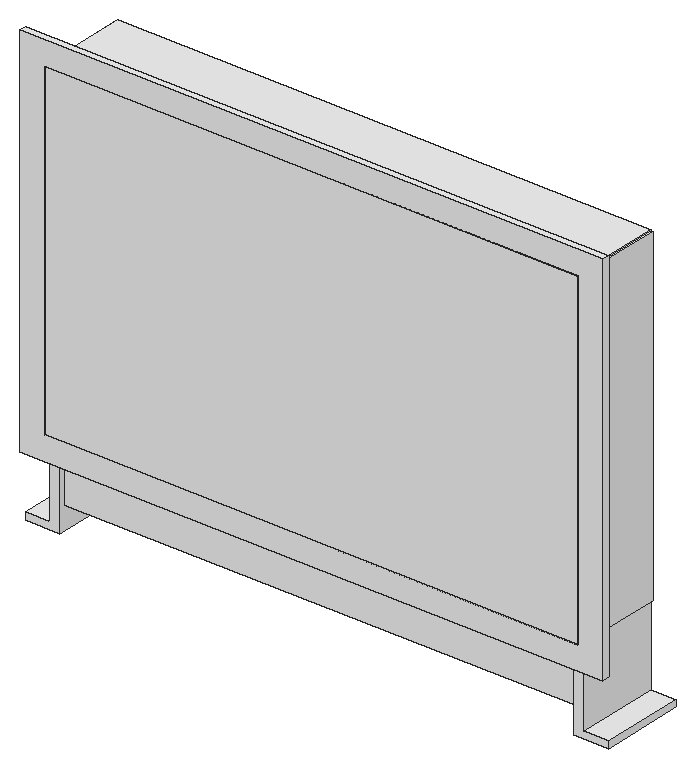
Revit family "1R553FP_1019IT", category Pipe Accessories, Revit 2018
Family settings
  Round Connector Dimension = Use Diameter
  Part Type = Normal
  OmniClass Number = 23.65.00.00
  OmniClass Title = Supply and Distribution of Liquids and Gases
  Work Plane-Based = No
  Always vertical = Yes
  Cut with Voids When Loaded = No
  Shared = No
Parameters (values of type "R553FPDB211")
  URL = "https://www.giacomini.com/en"
  T = 35 mm
  Product specifications = "Pre-assembled modular manifold in technopolymer, with fl ow meters. Connections: 1” (R269T) x DN32 (manifold) x 3/4”E\r\n(outlets). Center distance between the outlets: 50 mm. Temperature range: 5÷60°C. Max. operating pressure: 6 bar (10 bar\r\nfor system testing). Composed of: 1 delivery manifold in technopolymer, with fl ow meters (double scale: 0,5÷5 l/min and\r\n0,15÷1,5 GPM) with fl uid adjustment/shut-off function; 1 return manifold in technopolymer, with shut-off valves with a manual\r\nhandwheel, pre-arranged for thermo-electric command; EPDM gaskets; 2 metal brackets; 2 multi-function valves in brass\r\nCW617N (delivery and return).\r\n"  # constant formula
  P = 450 mm
  O = 190 mm
  N = 179 mm
  Model = "R553FPDB211"
  Metal Door [instance] = yes
  Metal Box [instance] = yes
  Manufacturer = "Giacomini S.p.A."  # constant formula
  Manifold 9 = 438 mm
  Manifold 8 = 388 mm
  Manifold 7 = 338 mm
  Manifold 6 = 288 mm
  Manifold 5 = 238 mm
  Manifold 4 = 188 mm
  Manifold 3 = 138 mm
  Manifold 2 = 88 mm
  Manifold 12 = yes
  Manifold 11 = yes
  Manifold 10 = yes
  Manifold 09 = yes
  Manifold 08 = yes
  Manifold 07 = yes
  Manifold 06 = yes
  Manifold 05 = yes
  Manifold 03 = yes
  Manifold 04 = yes
  Manifold .12 = 538 mm
  Manifold .11 = 538 mm
  Manifold .10 = 488 mm
  M = 50 mm
  Loss Method = Not Defined
  Logo [instance] = yes
  L1 = 868 mm
  L = 708 mm
  I = 50 mm
  H2 = 492 mm
  H1 = 562 mm
  H = 406.83 mm
  F = 109 mm
  E = 208 mm
  Description = "Preassembled manifold for HVAC systems"  # constant formula
  D = 95 mm
  Capitolato prodotto = "Collettore premontato modulare con misuratori di portata, in tecnopolimero. Attacchi: 1” (R269T) x DN32 (collettore) x 3/4”E\r\n(stacchi). Interasse tra le uscite 50 mm. Campo di temperatura 5÷60 °C. Pressione massima di esercizio 6 bar (10 bar per\r\ncollaudo impianto). Composto da: 1 collettore di mandata in tecnopolimero con misuratori di portata (doppia scala: 0,5÷5 l/\r\nmin e 0,15÷1,5 GPM) con funzione di regolazione/intercettazione del fl uido; 1 collettore di ritorno in tecnopolimero con valvole\r\ndi intercettazione con volantino manuale, predisposte per comando elettrotermico; guarnizioni in EPDM; 2 supporti metallici;\r\n2 valvole multifunzione in ottone CW617N (mandata e ritorno).\r\n"  # constant formula
  C = 43 mm
  Bracket [instance] = yes
  A = 165 mm
Reference planes
  plane 1 "Center (Front/Back)": y = 0
  plane 2: z = 0
  plane 3 "Center (Left/Right)": x = 0
  plane 4: y = -35
  plane 5: x = 38
  plane 6: z = 277.057
  plane 7: z = 59
  plane 8: x = 63
  plane 9: x = 513
  plane 10: x = 88
  plane 11: x = 138
  plane 12: x = 188
  plane 13: x = 238
  plane 14: x = 288
  plane 15: x = 338
  plane 16: x = 388
  plane 17: x = 438
  plane 18: x = 488
  plane 19: x = 538
  plane 20: y = -86
  plane 21: z = 69.057
  plane 22: z = 145.574
  plane 23: z = 195.574
  plane 24: y = -100
  plane 25: x = 341
  plane 26: x = -170.5
  plane 27: x = 85.25
  plane 28: z = 436.17
  plane 29: z = -55.83
  plane 30: z = 190.17
  plane 31: x = -127
  plane 32: z = -9.83
  plane 33: z = 64.057
  plane 34: x = -127
  plane 35: z = 85.17
  plane 36: x = 174.088
  plane 37: x = 581
Forms (mm)
  Revolve 1, solid, material "Giacomini Gray"
    sketch origin (0, -36.815, 200.625) x (1, 0, 0) y (0, 0, 1)
      loop
        line (21.396, 76.43) -> (21.396, 95.421) -> (19.2, 95.421) -> (17.792, 96.829) -> (1.754, 96.829) -> (0.346, 95.421) -> (-2.5, 95.421) -> (-7.037, 90.884) -> (-37.986, 90.884) -> (-37.986, 76.43) -> (21.396, 76.43)
      axis (-37.986, 76.43) -> (21.396, 76.43)
    angle from 0 to 360
  Revolve 2, solid, material "Giacomini Gray"
    sketch origin (2.5, -54.315, 8.741) x (1, 0, 0) y (0, 0, 1)
      loop
        line (21.396, 76.43) -> (21.396, 95.421) -> (19.2, 95.421) -> (17.792, 96.829) -> (1.754, 96.829) -> (0.346, 95.421) -> (-2.5, 95.421) -> (-7.037, 90.884) -> (-40.486, 90.884) -> (-40.486, 76.43) -> (21.396, 76.43)
      axis (-40.486, 76.43) -> (21.396, 76.43)
    angle from 0 to 360
  Extrusion 3, solid, material "Giacomini Box", visible <- "Metal Door"
    sketch origin (0, 0, 0) x (1, 0, 0) y (0, 0, 1)
      loop
        line (-170.5, 436.17) -> (-170.5, -55.83) -> (623.5, -55.83) -> (623.5, 436.17) -> (-170.5, 436.17)
    from 125 to 135
Dimensions and locks
  "T": plane 1 "Center (Front/Back)" to plane 4
  plane 6 to plane 21 = 208 mm
  "P": plane 8 to plane 9
  plane 10 to plane 5 = 50 mm
  "Manifold 3": plane 11 to plane 3 "Center (Left/Right)"
  "Manifold 4": plane 3 "Center (Left/Right)" to plane 12
  "Manifold 5": plane 3 "Center (Left/Right)" to plane 13
  "Manifold 6": plane 3 "Center (Left/Right)" to plane 14
  "Manifold 7": plane 3 "Center (Left/Right)" to plane 15
  "Manifold 8": plane 3 "Center (Left/Right)" to plane 16
  "Manifold 9": plane 3 "Center (Left/Right)" to plane 17
  "Manifold .10": plane 3 "Center (Left/Right)" to plane 18
  "Manifold .11": plane 3 "Center (Left/Right)" to plane 19
  "Manifold 2": plane 3 "Center (Left/Right)" to plane 10
  "M": plane 23 to plane 22
  nested 2 to plane 23 = 179 mm
  plane 10 to plane 11 = 50 mm
  locked: plane 3 "Center (Left/Right)" to nested 22 at 207.5
  equal spacing: plane 28, plane 30, plane 29
  equal spacing: plane 26, plane 27, plane 25
  "O": plane 31 to plane 8
  "H": nested 2 to plane 32
  "A": plane 5 to plane 31
  plane 8 to plane 25 = 278 mm  (x2)
  plane 8 to nested 24 = 190 mm
  plane 35 to plane 32 = 95 mm
  plane 36 to nested 23 = 301.088 mm
  "L": plane 37 to plane 31
  plane 1 "Center (Front/Back)" to nested 23 = 53.75 mm
  aligned and locked: level to plane 2
  aligned and locked: nested 2 to plane 8
  aligned and locked: plane 5 to nested 1
  aligned and locked: nested 4 to plane 11
  aligned and locked: nested 12 to plane 12
  aligned and locked: nested 5 to plane 12
  aligned and locked: nested 6 to plane 13
  aligned and locked: nested 13 to plane 13
  aligned and locked: nested 7 to plane 14
  aligned and locked: plane 14 to nested 14
  aligned and locked: nested 8 to plane 15
  aligned and locked: nested 15 to plane 15
  aligned and locked: nested 16 to plane 16
  aligned and locked: nested 17 to plane 17
  aligned and locked: nested 10 to plane 18
  aligned and locked: nested 18 to plane 18
  aligned and locked: nested 11 to plane 19
  aligned and locked: nested 19 to plane 19
  aligned and locked: nested 20 to plane 17
  aligned and locked: plane 16 to nested 21
  aligned and locked: nested 22 to plane 26
  aligned and locked: Revolve 1 to nested 24
  aligned and locked: plane 5 to nested 9
  aligned and locked: plane 34 to nested 24
  aligned and locked: nested 23 to plane 34
  aligned and locked: plane 22 to nested 2
  aligned and locked: Revolve 2 to nested 23
  aligned and locked: nested 25 to plane 9
  aligned and locked: plane 11 to nested 26
  aligned and locked: plane 37 to nested 27
  aligned and locked: nested 28 to plane 37
  aligned and locked: plane 10 to nested 29
  aligned and locked: Extrusion 3 sketch curve to nested 22  (x3)
  aligned and locked: Extrusion 3 sketch curve to plane 26
  aligned and locked: nested 22 to Extrusion 3
  aligned and locked: Extrusion 3 to nested 22
Automatic sketch dimensions
  plane 6 to Revolve 1 sketch curve = 0.002 mm  (x2)
  Revolve 1 sketch curve to plane 3 "Center (Left/Right)" = 37.986 mm
  Revolve 1 sketch curve to plane 3 "Center (Left/Right)" = 7.037 mm
  Revolve 1 sketch curve to plane 3 "Center (Left/Right)" = 2.5 mm
  plane 3 "Center (Left/Right)" to Revolve 1 sketch curve = 0.346 mm
  plane 3 "Center (Left/Right)" to Revolve 1 sketch curve = 1.754 mm
  Revolve 1 sketch curve to Revolve 1 sketch curve = 16.038 mm
  Revolve 1 sketch curve to Revolve 1 sketch curve = 1.408 mm  (x2)
  Revolve 1 sketch curve to plane 5 = 16.604 mm
  Revolve 1 sketch curve to plane 6 = 14.452 mm
  Revolve 1 sketch curve to plane 6 = 18.99 mm
  Revolve 1 sketch curve to Revolve 1 sketch curve = 4.537 mm
  Revolve 1 sketch curve to Revolve 1 sketch curve = 0 mm
  Revolve 1 sketch curve to Revolve 1 sketch curve = 7.123 mm
  Revolve 2 sketch curve to plane 35 = 0 mm  (x2)
  Revolve 2 sketch curve to plane 3 "Center (Left/Right)" = 0 mm
  Revolve 2 sketch curve to plane 3 "Center (Left/Right)" = 4.537 mm
  Revolve 2 sketch curve to Revolve 2 sketch curve = 33.449 mm
  Revolve 2 sketch curve to Revolve 2 sketch curve = 2.846 mm
  Revolve 2 sketch curve to Revolve 2 sketch curve = 1.408 mm  (x3)
  Revolve 2 sketch curve to Revolve 2 sketch curve = 16.038 mm
  Revolve 2 sketch curve to plane 5 = 14.104 mm
  Revolve 2 sketch curve to plane 35 = 14.454 mm
  Revolve 2 sketch curve to plane 35 = 18.992 mm
  Revolve 2 sketch curve to Revolve 2 sketch curve = 4.537 mm
  Revolve 2 sketch curve to Revolve 2 sketch curve = 2.5 mm
  Revolve 2 sketch curve to plane 5 = 6.98 mm
Nested families
  nested 1: "CAP" at (38, -60.219, 33.631), type "CAP"
  nested 2: "Bracket" at (63, 0, 18), visible <- "Bracket", type "Bracket"
  nested 3: "CAP" at (88, -60.219, 33.631), type "CAP"
  nested 4: "Inlet Regulator" at (138, -35, 215.298), visible <- "Manifold 03", type "Inlet Regulator"
  nested 5: "Inlet Regulator" at (188, -35, 215.298), visible <- "Manifold 04", type "Inlet Regulator"
  nested 6: "Inlet Regulator" at (238, -35, 215.298), visible <- "Manifold 05", type "Inlet Regulator"
  nested 7: "Inlet Regulator" at (288, -35, 215.298), visible <- "Manifold 06", type "Inlet Regulator"
  nested 8: "Inlet Regulator" at (338, -35, 215.298), visible <- "Manifold 07", type "Inlet Regulator"
  nested 9: "Inlet Regulator" at (38, -35, 215.298), type "Inlet Regulator"
  nested 10: "Inlet Regulator" at (488, -35, 215.298), visible <- "Manifold 10", type "Inlet Regulator"
  nested 11: "Inlet Regulator" at (538, -35, 215.298), visible <- "Manifold 11", type "Inlet Regulator"
  nested 12: "CAP" at (188, -60.219, 33.631), visible <- "Manifold 04", type "CAP"
  nested 13: "CAP" at (238, -60.219, 33.631), visible <- "Manifold 05", type "CAP"
  nested 14: "CAP" at (288, -60.219, 33.631), visible <- "Manifold 06", type "CAP"
  nested 15: "CAP" at (338, -60.219, 33.631), visible <- "Manifold 07", type "CAP"
  nested 16: "CAP" at (388, -60.219, 33.631), visible <- "Manifold 08", type "CAP"
  nested 17: "CAP" at (438, -60.219, 33.631), visible <- "Manifold 09", type "CAP"
  nested 18: "CAP" at (488, -60.219, 33.631), visible <- "Manifold 10", type "CAP"
  nested 19: "CAP" at (538, -60.219, 33.631), visible <- "Manifold 12", type "CAP"
  nested 20: "Inlet Regulator" at (438, -35, 215.298), visible <- "Manifold 09", type "Inlet Regulator"
  nested 21: "Inlet Regulator" at (388, -35, 215.298), visible <- "Manifold 08", type "Inlet Regulator"
  nested 22: "METAL FRAME" at (226.5, -90, -90.83), H1 <- "H1", H2 <- "H2", L1 <- "L1", visible <- "Metal Box", type "METAL FRAME"
    with S1 37 mm, L1 868 mm, H2 492 mm, H1 562 mm
  nested 23: "cold water ball valve" at (-127, -53.75, 60.17) x (0, 1, 0) z (0, 0, 1), type "cold water ball valve"
    with Cold water Valve yes
  nested 24: "Hot water ball valve" at (-127, -35, 252.057) x (0, 1, 0) z (0, 0, 1), type "Hot Water ball valve"
  nested 25: "Bracket" at (513, 0, 18), visible <- "Bracket", type "Bracket"
  nested 26: "CAP" at (138, -60.219, 33.631), visible <- "Manifold 03", type "CAP"
  nested 27: "last regulator" at (538.479, -35, 215.298), visible <- "Manifold 12", type "last regulator"
  nested 28: "CAP Last " at (537.889, -60.219, 33.631), visible <- "Manifold 12", type "CAP Last "
  nested 29: "Inlet Regulator" at (88, -35, 215.298), type "Inlet Regulator"
  nested 30: "Giacomini Logo" at (-127, -53.909, 59.375) x (0, 1, 0) z (0, 0, 1), visible <- "Logo", type "Hot Water ball valve"
    with Material Giacomini Brass
  nested 31: "Giacomini Logo" at (-127, -35.159, 251.421) x (0, 1, 0) z (0, 0, 1), visible <- "Logo", type "Hot Water ball valve"
    with Material Giacomini Brass
Connectors
  piping at (38, -60.219, 45.673), diameter 19.1
    settings: on nested 1, index 1, connector inside diameter 609.6 mm, connector length 0 mm, flow factor 0, pipe flow 0.0 m³/h, pressure drop 0.0 Pa, fitting loss kfactor 0, connector angle 0.00°, fixture units 0, engagement length 0 mm, angle of deflection 0.00°, flow configuration 0, flow direction 0, fitting loss method 0, system type 29, joint type 0, gender type 0, connector reference index -1, connector utility 0, adjustable connector no, is connector primary yes, connector description ""
  piping at (88, -60.219, 45.673), diameter 19.1
    settings: on nested 3, index 2, connector inside diameter 609.6 mm, connector length 0 mm, flow factor 0, pipe flow 0.0 m³/h, pressure drop 0.0 Pa, fitting loss kfactor 0, connector angle 0.00°, fixture units 0, engagement length 0 mm, angle of deflection 0.00°, flow configuration 0, flow direction 0, fitting loss method 0, system type 29, joint type 0, gender type 0, connector reference index -1, connector utility 0, adjustable connector no, is connector primary no, connector description ""
  piping at (188, -60.219, 45.673), diameter 19.1
    settings: on nested 12, index 4, connector inside diameter 609.6 mm, connector length 0 mm, flow factor 0, pipe flow 0.0 m³/h, pressure drop 0.0 Pa, fitting loss kfactor 0, connector angle 0.00°, fixture units 0, engagement length 0 mm, angle of deflection 0.00°, flow configuration 0, flow direction 0, fitting loss method 0, system type 29, joint type 0, gender type 0, connector reference index -1, connector utility 0, adjustable connector no, is connector primary no, connector description ""
  piping at (238, -60.219, 45.673), diameter 19.1
    settings: on nested 13, index 5, connector inside diameter 609.6 mm, connector length 0 mm, flow factor 0, pipe flow 0.0 m³/h, pressure drop 0.0 Pa, fitting loss kfactor 0, connector angle 0.00°, fixture units 0, engagement length 0 mm, angle of deflection 0.00°, flow configuration 0, flow direction 0, fitting loss method 0, system type 29, joint type 0, gender type 0, connector reference index -1, connector utility 0, adjustable connector no, is connector primary no, connector description ""
  piping at (288, -60.219, 45.673), diameter 19.1
    settings: on nested 14, index 6, connector inside diameter 609.6 mm, connector length 0 mm, flow factor 0, pipe flow 0.0 m³/h, pressure drop 0.0 Pa, fitting loss kfactor 0, connector angle 0.00°, fixture units 0, engagement length 0 mm, angle of deflection 0.00°, flow configuration 0, flow direction 0, fitting loss method 0, system type 29, joint type 0, gender type 0, connector reference index -1, connector utility 0, adjustable connector no, is connector primary no, connector description ""
  piping at (338, -60.219, 45.673), diameter 19.1
    settings: on nested 15, index 7, connector inside diameter 609.6 mm, connector length 0 mm, flow factor 0, pipe flow 0.0 m³/h, pressure drop 0.0 Pa, fitting loss kfactor 0, connector angle 0.00°, fixture units 0, engagement length 0 mm, angle of deflection 0.00°, flow configuration 0, flow direction 0, fitting loss method 0, system type 29, joint type 0, gender type 0, connector reference index -1, connector utility 0, adjustable connector no, is connector primary no, connector description ""
  piping at (388, -60.219, 45.673), diameter 19.1
    settings: on nested 16, index 8, connector inside diameter 609.6 mm, connector length 0 mm, flow factor 0, pipe flow 0.0 m³/h, pressure drop 0.0 Pa, fitting loss kfactor 0, connector angle 0.00°, fixture units 0, engagement length 0 mm, angle of deflection 0.00°, flow configuration 0, flow direction 0, fitting loss method 0, system type 29, joint type 0, gender type 0, connector reference index -1, connector utility 0, adjustable connector no, is connector primary no, connector description ""
  piping at (438, -60.219, 45.673), diameter 19.1
    settings: on nested 17, index 9, connector inside diameter 609.6 mm, connector length 0 mm, flow factor 0, pipe flow 0.0 m³/h, pressure drop 0.0 Pa, fitting loss kfactor 0, connector angle 0.00°, fixture units 0, engagement length 0 mm, angle of deflection 0.00°, flow configuration 0, flow direction 0, fitting loss method 0, system type 29, joint type 0, gender type 0, connector reference index -1, connector utility 0, adjustable connector no, is connector primary no, connector description ""
  piping at (488, -60.219, 45.673), diameter 19.1
    settings: on nested 18, index 10, connector inside diameter 609.6 mm, connector length 0 mm, flow factor 0, pipe flow 0.0 m³/h, pressure drop 0.0 Pa, fitting loss kfactor 0, connector angle 0.00°, fixture units 0, engagement length 0 mm, angle of deflection 0.00°, flow configuration 0, flow direction 0, fitting loss method 0, system type 29, joint type 0, gender type 0, connector reference index -1, connector utility 0, adjustable connector no, is connector primary no, connector description ""
  piping at (538, -60.219, 45.673), diameter 19.1
    settings: on nested 19, index 11, connector inside diameter 609.6 mm, connector length 0 mm, flow factor 0, pipe flow 0.0 m³/h, pressure drop 0.0 Pa, fitting loss kfactor 0, connector angle 0.00°, fixture units 0, engagement length 0 mm, angle of deflection 0.00°, flow configuration 0, flow direction 0, fitting loss method 0, system type 29, joint type 0, gender type 0, connector reference index -1, connector utility 0, adjustable connector no, is connector primary no, connector description ""
  piping at (138, -34.991, 232.597), diameter 19.1
    settings: on nested 4, index 15, connector inside diameter 609.6 mm, connector length 0 mm, flow factor 0, pipe flow 0.0 m³/h, pressure drop 0.0 Pa, fitting loss kfactor 0, connector angle 0.00°, fixture units 0, engagement length 0 mm, angle of deflection 0.00°, flow configuration 0, flow direction 0, fitting loss method 0, system type 29, joint type 0, gender type 0, connector reference index -1, connector utility 0, adjustable connector no, is connector primary no, connector description ""
  piping at (188, -34.991, 232.597), diameter 19.1
    settings: on nested 5, index 16, connector inside diameter 609.6 mm, connector length 0 mm, flow factor 0, pipe flow 0.0 m³/h, pressure drop 0.0 Pa, fitting loss kfactor 0, connector angle 0.00°, fixture units 0, engagement length 0 mm, angle of deflection 0.00°, flow configuration 0, flow direction 0, fitting loss method 0, system type 29, joint type 0, gender type 0, connector reference index -1, connector utility 0, adjustable connector no, is connector primary no, connector description ""
  piping at (238, -34.991, 232.597), diameter 19.1
    settings: on nested 6, index 17, connector inside diameter 609.6 mm, connector length 0 mm, flow factor 0, pipe flow 0.0 m³/h, pressure drop 0.0 Pa, fitting loss kfactor 0, connector angle 0.00°, fixture units 0, engagement length 0 mm, angle of deflection 0.00°, flow configuration 0, flow direction 0, fitting loss method 0, system type 29, joint type 0, gender type 0, connector reference index -1, connector utility 0, adjustable connector no, is connector primary no, connector description ""
  piping at (288, -34.991, 232.597), diameter 19.1
    settings: on nested 7, index 18, connector inside diameter 609.6 mm, connector length 0 mm, flow factor 0, pipe flow 0.0 m³/h, pressure drop 0.0 Pa, fitting loss kfactor 0, connector angle 0.00°, fixture units 0, engagement length 0 mm, angle of deflection 0.00°, flow configuration 0, flow direction 0, fitting loss method 0, system type 29, joint type 0, gender type 0, connector reference index -1, connector utility 0, adjustable connector no, is connector primary no, connector description ""
  piping at (338, -34.991, 232.597), diameter 19.1
    settings: on nested 8, index 19, connector inside diameter 609.6 mm, connector length 0 mm, flow factor 0, pipe flow 0.0 m³/h, pressure drop 0.0 Pa, fitting loss kfactor 0, connector angle 0.00°, fixture units 0, engagement length 0 mm, angle of deflection 0.00°, flow configuration 0, flow direction 0, fitting loss method 0, system type 29, joint type 0, gender type 0, connector reference index -1, connector utility 0, adjustable connector no, is connector primary no, connector description ""
  piping at (38, -34.991, 232.597), diameter 19.1
    settings: on nested 9, index 20, connector inside diameter 609.6 mm, connector length 0 mm, flow factor 0, pipe flow 0.0 m³/h, pressure drop 0.0 Pa, fitting loss kfactor 0, connector angle 0.00°, fixture units 0, engagement length 0 mm, angle of deflection 0.00°, flow configuration 0, flow direction 0, fitting loss method 0, system type 29, joint type 0, gender type 0, connector reference index -1, connector utility 0, adjustable connector no, is connector primary no, connector description ""
  piping at (488, -34.991, 232.597), diameter 19.1
    settings: on nested 10, index 22, connector inside diameter 609.6 mm, connector length 0 mm, flow factor 0, pipe flow 0.0 m³/h, pressure drop 0.0 Pa, fitting loss kfactor 0, connector angle 0.00°, fixture units 0, engagement length 0 mm, angle of deflection 0.00°, flow configuration 0, flow direction 0, fitting loss method 0, system type 29, joint type 0, gender type 0, connector reference index -1, connector utility 0, adjustable connector no, is connector primary no, connector description ""
  piping at (538, -34.991, 232.597), diameter 19.1
    settings: on nested 11, index 23, connector inside diameter 609.6 mm, connector length 0 mm, flow factor 0, pipe flow 0.0 m³/h, pressure drop 0.0 Pa, fitting loss kfactor 0, connector angle 0.00°, fixture units 0, engagement length 0 mm, angle of deflection 0.00°, flow configuration 0, flow direction 0, fitting loss method 0, system type 29, joint type 0, gender type 0, connector reference index -1, connector utility 0, adjustable connector no, is connector primary no, connector description ""
  piping at (388, -34.991, 232.597), diameter 19.1
    settings: on nested 21, index 25, connector inside diameter 609.6 mm, connector length 0 mm, flow factor 0, pipe flow 0.0 m³/h, pressure drop 0.0 Pa, fitting loss kfactor 0, connector angle 0.00°, fixture units 0, engagement length 0 mm, angle of deflection 0.00°, flow configuration 0, flow direction 0, fitting loss method 0, system type 29, joint type 0, gender type 0, connector reference index -1, connector utility 0, adjustable connector no, is connector primary no, connector description ""
  piping at (438, -34.991, 232.597), diameter 19.1
    settings: on nested 20, index 26, connector inside diameter 609.6 mm, connector length 0 mm, flow factor 0, pipe flow 0.0 m³/h, pressure drop 0.0 Pa, fitting loss kfactor 0, connector angle 0.00°, fixture units 0, engagement length 0 mm, angle of deflection 0.00°, flow configuration 0, flow direction 0, fitting loss method 0, system type 29, joint type 0, gender type 0, connector reference index -1, connector utility 0, adjustable connector no, is connector primary no, connector description ""
  piping at (138, -60.219, 45.673), diameter 19.1
    settings: on nested 26, index 27, connector inside diameter 609.6 mm, connector length 0 mm, flow factor 0, pipe flow 0.0 m³/h, pressure drop 0.0 Pa, fitting loss kfactor 0, connector angle 0.00°, fixture units 0, engagement length 0 mm, angle of deflection 0.00°, flow configuration 0, flow direction 0, fitting loss method 0, system type 29, joint type 0, gender type 0, connector reference index -1, connector utility 0, adjustable connector no, is connector primary no, connector description ""
  piping at (538.479, -34.991, 232.597), diameter 19.1
    settings: on nested 27, index 28, connector inside diameter 609.6 mm, connector length 0 mm, flow factor 0, pipe flow 0.0 m³/h, pressure drop 0.0 Pa, fitting loss kfactor 0, connector angle 0.00°, fixture units 0, engagement length 0 mm, angle of deflection 0.00°, flow configuration 0, flow direction 0, fitting loss method 0, system type 29, joint type 0, gender type 0, connector reference index -1, connector utility 0, adjustable connector no, is connector primary no, connector description ""
  piping at (537.889, -60.219, 45.673), diameter 19.1
    settings: on nested 28, index 29, connector inside diameter 609.6 mm, connector length 0 mm, flow factor 0, pipe flow 0.0 m³/h, pressure drop 0.0 Pa, fitting loss kfactor 0, connector angle 0.00°, fixture units 0, engagement length 0 mm, angle of deflection 0.00°, flow configuration 0, flow direction 0, fitting loss method 0, system type 29, joint type 0, gender type 0, connector reference index -1, connector utility 0, adjustable connector no, is connector primary no, connector description ""
  piping at (-127, -35, 277.057), diameter 25.4
    settings: on nested 24, index 30, connector inside diameter 609.6 mm, connector length 0 mm, flow factor 0, pipe flow 0.0 m³/h, pressure drop 0.0 Pa, fitting loss kfactor 0, connector angle 0.00°, fixture units 0, engagement length 0 mm, angle of deflection 0.00°, flow configuration 0, flow direction 1, fitting loss method 0, system type 7, joint type 0, gender type 0, connector reference index -1, connector utility 0, adjustable connector no, is connector primary no, connector description ""
  piping at (-127, -53.75, 85.17), diameter 25.4
    settings: on nested 23, index 31, connector inside diameter 609.6 mm, connector length 0 mm, flow factor 0, pipe flow 0.0 m³/h, pressure drop 0.0 Pa, fitting loss kfactor 0, connector angle 0.00°, fixture units 0, engagement length 0 mm, angle of deflection 0.00°, flow configuration 0, flow direction 2, fitting loss method 0, system type 8, joint type 0, gender type 0, connector reference index -1, connector utility 0, adjustable connector no, is connector primary no, connector description ""
  piping at (88, -34.991, 232.597), diameter 19.1
    settings: on nested 29, index 32, connector inside diameter 609.6 mm, connector length 0 mm, flow factor 0, pipe flow 0.0 m³/h, pressure drop 0.0 Pa, fitting loss kfactor 0, connector angle 0.00°, fixture units 0, engagement length 0 mm, angle of deflection 0.00°, flow configuration 0, flow direction 0, fitting loss method 0, system type 29, joint type 0, gender type 0, connector reference index -1, connector utility 0, adjustable connector no, is connector primary no, connector description ""
Definition of nested family "CAP"
  Reference planes
    plane 1 "Center (Front/Back)": y = 0
    plane 2: z = 0
    plane 3 "Center (Left/Right)": x = 0
    plane 4: y = -18.487
    plane 5: y = 18.365
    plane 6: y = 0
    plane 7: x = 50
    plane 8: z = 12.042
    plane 9: z = 91.037
    plane 10: z = 51.54
  Forms (mm)
    Extrusion 1, solid
      sketch origin (-0.186, 0, 9.763) x (1, 0, 0) y (0, 1, 0)
        loop
          line (14, 0) -> (7, 12.124) -> (-7, 12.124) -> (-14, 0) -> (-7, -12.124) -> (7, -12.124) -> (14, 0)
        loop
          circle (0, 0) r 10
      from 14.741 to 21.458
    Revolve 2, solid
      sketch origin (0, -0.255, 14.816) x (0, 1, 0) y (0, 0, 1)
        loop
          line (-10.111, 5.44) -> (-11.69, 3.861) -> (-10.742, 2.913) -> (-11.69, 1.965) -> (-10.742, 1.017) -> (-11.69, 0.07) -> (-10.742, -0.878) -> (-11.69, -1.826) -> (-10.742, -2.774) -> (-8.739, -2.774) -> (-8.739, 9.688) -> (-10.111, 9.688) -> (-10.111, 5.44)
        axis (0.255, 9.688) -> (0.255, -2.774)
      angle from 0 to 360
    Extrusion 3, solid
      sketch origin (0, 0, 0.403) x (1, 0, 0) y (0, 1, 0)
        loop
          line (14.104, 8.143) -> (0, 16.286) -> (-14.104, 8.143) -> (-14.104, -8.143) -> (0, -16.286) -> (14.104, -8.143) -> (14.104, 8.143)
        loop
          circle (0, 0) r 13.143
      from 69.435 to 69.99
    Revolve 4, solid
      sketch origin (0, 0, 0) x (1, 0, 0) y (0, 0, 1)
        loop
          line (0, 69.838) -> (-14.186, 69.838) -> (-14.186, 31.222) -> (0, 31.222) -> (0, 69.838)
        axis (0, 69.838) -> (0, 31.222)
      angle from 0 to 360
    Revolve 5, solid
      sketch origin (0, 0, -1.25) x (1, 0, 0) y (0, 0, 1)
        loop
          line (14.116, 51.54) -> (36.088, 51.54) -> (36.088, 69.735) -> (33.471, 71.246) -> (16.733, 71.246) -> (14.116, 69.735) -> (14.116, 51.54)
        axis (14.116, 51.54) -> (36.088, 51.54)
      angle from 0 to 360
    Extrusion 6, solid
      sketch origin (0, 0, 0) x (1, 0, 0) y (0, 1, 0)
        loop
          arc (-1.222, 15.953) -> (-6.252, 14.728) -> (-10.627, 11.961) r 16
          arc (-10.627, 11.961) -> (-12.355, 11.931) -> (-12.325, 10.203) r 1.222
          arc (-12.325, 10.203) -> (-14.835, 5.994) -> (-15.953, 1.222) r 16
          arc (-15.953, 1.222) -> (-17.176, 0) -> (-15.953, -1.222) r 1.222
          arc (-15.953, -1.222) -> (-14.835, -5.994) -> (-12.325, -10.203) r 16
          arc (-12.325, -10.203) -> (-12.355, -11.931) -> (-10.627, -11.961) r 1.222
          arc (-10.627, -11.961) -> (-6.252, -14.728) -> (-1.222, -15.953) r 16
          arc (-1.222, -15.953) -> (0, -17.176) -> (1.222, -15.953) r 1.222
          arc (1.222, -15.953) -> (6.252, -14.728) -> (10.627, -11.961) r 16
          arc (10.627, -11.961) -> (12.355, -11.931) -> (12.325, -10.203) r 1.222
          arc (12.325, -10.203) -> (14.835, -5.994) -> (15.953, -1.222) r 16
          arc (15.953, -1.222) -> (17.176, 0) -> (15.953, 1.222) r 1.222
          arc (15.953, 1.222) -> (14.835, 5.994) -> (12.325, 10.203) r 16
          arc (12.325, 10.203) -> (12.355, 11.931) -> (10.627, 11.961) r 1.222
          arc (10.627, 11.961) -> (6.252, 14.728) -> (1.222, 15.953) r 16
          arc (1.222, 15.953) -> (0, 17.176) -> (-1.222, 15.953) r 1.222
      from 70.393 to 91.037
  Dimensions and locks
    plane 9 to plane 8 = 78.994 mm
    equal spacing: plane 9, plane 10, plane 8
    aligned and locked: level to plane 2
  Automatic sketch dimensions
    plane 1 "Center (Front/Back)" to Extrusion 1 sketch curve = 0 mm  (x3)
    Extrusion 1 sketch curve to plane 3 "Center (Left/Right)" = 14.186 mm
    Extrusion 1 sketch curve to plane 3 "Center (Left/Right)" = 7.186 mm  (x2)
    Extrusion 1 sketch curve to plane 3 "Center (Left/Right)" = 0.186 mm
    plane 3 "Center (Left/Right)" to Extrusion 1 sketch curve = 6.814 mm  (x2)
    plane 3 "Center (Left/Right)" to Extrusion 1 sketch curve = 13.814 mm
    plane 4 to Extrusion 1 sketch curve = 6.363 mm
    Extrusion 1 sketch curve to plane 5 = 6.24 mm
    plane 8 to Revolve 2 sketch curve = 0 mm
    Revolve 2 sketch curve to plane 1 "Center (Front/Back)" = 0 mm
    plane 1 "Center (Front/Back)" to Revolve 2 sketch curve = 8.993 mm
    Revolve 2 sketch curve to Revolve 2 sketch curve = 1.372 mm
    Revolve 2 sketch curve to Revolve 2 sketch curve = 2.004 mm
    Revolve 2 sketch curve to plane 8 = 1.896 mm
    Revolve 2 sketch curve to Revolve 2 sketch curve = 0 mm  (x2)
    Revolve 2 sketch curve to Revolve 2 sketch curve = 0.632 mm
    Revolve 2 sketch curve to plane 8 = 4.739 mm
    Revolve 2 sketch curve to Revolve 2 sketch curve = 0.948 mm  (x2)
    Revolve 2 sketch curve to plane 8 = 2.843 mm
    Revolve 2 sketch curve to Revolve 2 sketch curve = 4.248 mm
    plane 8 to Revolve 2 sketch curve = 2.279 mm
    Revolve 2 sketch curve to Revolve 2 sketch curve = 1.125 mm
    Extrusion 3 sketch curve to plane 3 "Center (Left/Right)" = 0 mm  (x3)
    plane 1 "Center (Front/Back)" to Extrusion 3 sketch curve = 0 mm
    Extrusion 3 sketch curve to plane 3 "Center (Left/Right)" = 14.104 mm
    plane 3 "Center (Left/Right)" to Extrusion 3 sketch curve = 14.104 mm
    plane 1 "Center (Front/Back)" to Extrusion 3 sketch curve = 8.143 mm  (x2)
    plane 4 to Extrusion 3 sketch curve = 2.202 mm
    Extrusion 3 sketch curve to plane 1 "Center (Front/Back)" = 8.143 mm  (x2)
    Extrusion 3 sketch curve to plane 5 = 2.079 mm
    Revolve 4 sketch curve to plane 3 "Center (Left/Right)" = 0 mm  (x2)
    Revolve 4 sketch curve to plane 3 "Center (Left/Right)" = 14.186 mm
    plane 10 to Revolve 4 sketch curve = 20.318 mm
    Revolve 4 sketch curve to plane 10 = 18.298 mm
    level to Revolve 4 sketch curve = 5.869 mm
    Revolve 4 sketch curve to Revolve 4 sketch curve = 1.888 mm
    plane 10 to Revolve 5 sketch curve = 1.25 mm  (x2)
    plane 3 "Center (Left/Right)" to Revolve 5 sketch curve = 14.116 mm
    Revolve 5 sketch curve to Revolve 5 sketch curve = 2.617 mm  (x2)
    Revolve 5 sketch curve to plane 7 = 16.529 mm
    Revolve 5 sketch curve to plane 10 = 16.945 mm  (x2)
    Revolve 5 sketch curve to Revolve 5 sketch curve = 1.511 mm
    plane 3 "Center (Left/Right)" to Revolve 5 sketch curve = 7.026 mm
    Revolve 5 sketch curve to Revolve 5 sketch curve = 2.802 mm
    Extrusion 6 sketch curve to Extrusion 6 sketch curve = 0 mm  (x56)
    plane 1 "Center (Front/Back)" to Extrusion 6 sketch curve = 0 mm  (x3)
    Extrusion 6 sketch curve to plane 3 "Center (Left/Right)" = 0 mm  (x3)
    Extrusion 6 sketch curve to plane 5 = 7.282 mm  (x2)
    Extrusion 6 sketch curve to plane 3 "Center (Left/Right)" = 11.476 mm  (x2)
    plane 4 to Extrusion 6 sketch curve = 7.405 mm  (x2)
    Extrusion 6 sketch curve to Extrusion 6 sketch curve = 4.477 mm  (x2)
    plane 3 "Center (Left/Right)" to Extrusion 6 sketch curve = 11.476 mm  (x2)
    plane 4 to Extrusion 6 sketch curve = 2.534 mm
    Extrusion 6 sketch curve to plane 5 = 2.411 mm
    Extrusion 6 sketch curve to plane 3 "Center (Left/Right)" = 1.222 mm
    Extrusion 6 sketch curve to Extrusion 6 sketch curve = 1.222 mm
    Extrusion 6 sketch curve to Extrusion 6 sketch curve = 0.849 mm  (x6)
    radius of Extrusion 1 sketch curve = 10 mm
    radius of Extrusion 3 sketch curve = 13.143 mm
Definition of nested family "Bracket"
  Reference planes
    plane 1 "Center (Front/Back)": y = 0
    plane 2: z = 0
    plane 3 "Center (Left/Right)": x = 0
    plane 4: x = 10
    plane 5: x = -10
    plane 6: z = 14.576
    plane 7: y = -224.207
    plane 8: y = -224.207
    plane 9: y = -224.207
    plane 10: z = 356.574
    plane 11: z = 177.574
    plane 12: z = 127.574
    plane 13: z = 269
    plane 14: y = -98.5
    plane 15: z = 95
    plane 16: z = 379
    plane 17: z = 379
  Forms (mm)
    Extrusion 1, solid
      sketch origin (0, 0, 0) x (0, -1, 0) y (0, 0, -1)
        loop
          line (0, -379) -> (5, -379) -> (5, -342.42)
          arc (5, -342.42) -> (5.187, -340.71) -> (5.741, -339.081) r 7.894
          line (5.741, -339.081) -> (12.741, -324.087)
          arc (12.741, -324.087) -> (14.257, -319.411) -> (14.587, -314.507) r 20
          line (14.587, -314.507) -> (5.694, -216.278)
          arc (5.694, -216.278) -> (5.174, -206.823) -> (5, -197.356) r 258.289
          line (5, -197.356) -> (5, -107.74)
          arc (5, -107.74) -> (5.474, -105.358) -> (6.823, -103.338) r 6.225
          line (6.823, -103.338) -> (18.876, -91.285)
          arc (18.876, -91.285) -> (22.267, -86.211) -> (23.457, -80.226) r 15.64
          line (23.457, -80.226) -> (23.457, -22.504)
          arc (23.457, -22.504) -> (22.16, -15.98) -> (18.464, -10.449) r 17.049
          line (18.464, -10.449) -> (5.896, 2.119)
          arc (5.896, 2.119) -> (5.233, 3.111) -> (5, 4.282) r 3.06
          line (5, 4.282) -> (5, 12.5) -> (0, 12.5) -> (0, 4.282)
          arc (0, 4.282) -> (0.613, 1.198) -> (2.361, -1.417) r 8.06
          line (2.361, -1.417) -> (14.928, -13.985)
          arc (14.928, -13.985) -> (17.54, -17.894) -> (18.457, -22.504) r 12.049
          line (18.457, -22.504) -> (18.457, -80.226)
          arc (18.457, -80.226) -> (17.647, -84.298) -> (15.341, -87.75) r 10.64
          line (15.341, -87.75) -> (3.288, -99.803)
          arc (3.288, -99.803) -> (0.854, -103.445) -> (0, -107.74) r 11.225
          line (0, -107.74) -> (0, -197.356)
          arc (0, -197.356) -> (0.177, -207.006) -> (0.707, -216.644) r 263.289
          line (0.707, -216.644) -> (9.578, -314.528)
          arc (9.578, -314.528) -> (9.372, -318.338) -> (8.211, -321.972) r 15
          line (8.211, -321.972) -> (1.21, -336.966)
          arc (1.21, -336.966) -> (0.306, -339.627) -> (0, -342.42) r 12.894
          line (0, -342.42) -> (0, -379)
      from -10 to 10
    Extrusion 2, void
      sketch origin (0, 0, -3.594) x (1, 0, 0) y (0, 0, 1)
        loop
          arc (-10, 379.876) -> (-8.772, 381.447) -> (-7.078, 382.5) r 5.706
          line (-7.078, 382.5) -> (-10, 382.5) -> (-10, 379.876)
      from 5 to 0
    Extrusion 3, void
      sketch origin (0, 0, -3.594) x (-1, 0, 0) y (0, 0, -1)
        loop
          line (-10, -379.876) -> (-10, -382.5) -> (-7.078, -382.5)
          arc (-7.078, -382.5) -> (-8.772, -381.447) -> (-10, -379.876) r 5.706
      from 5 to 0
    Extrusion 4, void
      sketch origin (0, 0, 0) x (1, 0, 0) y (0, 0, 1)
        loop
          circle (0, 356.574) r 7.024
        loop
          circle (0, 177.574) r 7.003
        loop
          circle (0, 127.574) r 7
      from 5 to 0
    Extrusion 5, solid
      sketch origin (0, 0.625, 27.344) x (0, 1, 0) y (0, 0, 1)
        loop
          line (-10.648, 66.266) -> (-10.648, 63.839)
          arc (-10.648, 63.839) -> (-11.234, 62.425) -> (-12.648, 61.839) r 2
          line (-12.648, 61.839) -> (-73.031, 61.839)
          arc (-73.031, 61.839) -> (-76.264, 61.048) -> (-78.766, 58.854) r 7
          line (-78.766, 58.854) -> (-82.391, 53.676)
          arc (-82.391, 53.676) -> (-83.488, 52.714) -> (-84.905, 52.367) r 3.068
          line (-84.905, 52.367) -> (-99.125, 52.367) -> (-99.125, 50.367) -> (-84.905, 50.367)
          arc (-84.905, 50.367) -> (-82.564, 50.94) -> (-80.753, 52.529) r 5.068
          line (-80.753, 52.529) -> (-77.127, 57.707)
          arc (-77.127, 57.707) -> (-75.34, 59.274) -> (-73.031, 59.839) r 5
          line (-73.031, 59.839) -> (-12.648, 59.839)
          arc (-12.648, 59.839) -> (-9.82, 61.01) -> (-8.648, 63.839) r 4
          line (-8.648, 63.839) -> (-8.648, 66.266) -> (-10.648, 66.266)
      from 3.959 to -4.176
    Extrusion 6, solid
      sketch origin (0, 0, 102.178) x (0, 1, 0) y (0, 0, 1)
        loop
          arc (-19.836, -61.839) -> (-17.007, -60.667) -> (-15.836, -57.839) r 4
          line (-15.836, -57.839) -> (-15.836, -56.401) -> (-17.836, -56.401) -> (-17.836, -57.839)
          arc (-17.836, -57.839) -> (-18.422, -59.253) -> (-19.836, -59.839) r 2
          line (-19.836, -59.839) -> (-69.281, -59.839)
          arc (-69.281, -59.839) -> (-71.59, -59.274) -> (-73.377, -57.707) r 5
          line (-73.377, -57.707) -> (-77.003, -52.529)
          arc (-77.003, -52.529) -> (-78.814, -50.94) -> (-81.155, -50.367) r 5.068
          line (-81.155, -50.367) -> (-98.5, -50.367) -> (-98.5, -52.367) -> (-81.155, -52.367)
          arc (-81.155, -52.367) -> (-79.738, -52.714) -> (-78.641, -53.676) r 3.068
          line (-78.641, -53.676) -> (-75.016, -58.854)
          arc (-75.016, -58.854) -> (-72.514, -61.048) -> (-69.281, -61.839) r 7
          line (-69.281, -61.839) -> (-19.836, -61.839)
      from 3.959 to -4.176
    Extrusion 7, solid
      sketch origin (0, 18.638, 228.673) x (0, 0.992546, 0.121869) y (0, -0.121869, 0.992546)
        loop
          line (-18.91, 63.324) -> (-84.036, 63.324)
          arc (-84.036, 63.324) -> (-87.268, 62.533) -> (-89.77, 60.339) r 7
          line (-89.77, 60.339) -> (-92.196, 56.875)
          arc (-92.196, 56.875) -> (-93.292, 55.913) -> (-94.709, 55.566) r 3.068
          line (-94.709, 55.566) -> (-108.112, 55.566) -> (-108.112, 53.566) -> (-94.709, 53.566)
          arc (-94.709, 53.566) -> (-92.369, 54.139) -> (-90.557, 55.728) r 5.068
          line (-90.557, 55.728) -> (-88.185, 59.116)
          arc (-88.185, 59.116) -> (-86.398, 60.683) -> (-84.089, 61.248) r 5
          line (-84.089, 61.248) -> (-18.29, 61.248)
          arc (-18.29, 61.248) -> (-15.461, 62.419) -> (-14.29, 65.248) r 4
          line (-14.29, 65.248) -> (-16.91, 65.291)
          arc (-16.91, 65.291) -> (-17.508, 63.898) -> (-18.91, 63.324) r 2
      from 3.959 to -4.176
    Extrusion 8, solid
      sketch origin (0, 4.611, 308.506) x (0, 0.984844, 0.17344) y (0, -0.17344, 0.984844)
        loop
          arc (-18.139, -61.156) -> (-16.183, -60.431) -> (-15.173, -58.606) r 3
          line (-15.173, -58.606) -> (-15.046, -57.769) -> (-17.028, -57.468) -> (-17.15, -58.274)
          arc (-17.15, -58.274) -> (-17.381, -58.777) -> (-17.845, -59.08) r 1
          line (-17.845, -59.08) -> (-82.926, -59.08)
          arc (-82.926, -59.08) -> (-85.235, -58.515) -> (-87.022, -56.948) r 5
          line (-87.022, -56.948) -> (-90.461, -52.036)
          arc (-90.461, -52.036) -> (-92.272, -50.448) -> (-94.613, -49.875) r 5.068
          line (-94.613, -49.875) -> (-108.015, -49.875) -> (-108.015, -51.875) -> (-94.613, -51.875)
          arc (-94.613, -51.875) -> (-93.196, -52.222) -> (-92.099, -53.183) r 3.068
          line (-92.099, -53.183) -> (-88.607, -58.171)
          arc (-88.607, -58.171) -> (-86.105, -60.365) -> (-82.873, -61.156) r 7
          line (-82.873, -61.156) -> (-18.139, -61.156)
      from 3.959 to -4.176
    Revolve 9, solid
      sketch origin (0, -54.83, 3.28) x (1, 0, 0) y (0, -0.121869, 0.992546)
        loop
          line (3.123, 246.633) -> (2.421, 247.336) -> (3.123, 248.039) -> (2.421, 248.741) -> (3.123, 249.444) -> (2.421, 250.147) -> (3.123, 250.849) -> (2.421, 251.552) -> (3.123, 252.255) -> (2.421, 252.957) -> (3.123, 253.66) -> (2.421, 254.363) -> (3.123, 255.065) -> (2.421, 255.768) -> (3.123, 256.471) -> (2.421, 257.173) -> (3.123, 257.876) -> (2.421, 258.579) -> (3.123, 259.281) -> (2.421, 259.984) -> (3.123, 260.687) -> (2.421, 261.389) -> (3.123, 262.092) -> (2.421, 262.795) -> (3.123, 263.497) -> (2.421, 264.2) -> (3.123, 264.903) -> (2.421, 265.605) -> (3.123, 266.308) -> (2.421, 267.011) -> (3.123, 267.713) -> (2.421, 268.416) -> (3.005, 269) -> (0, 269) -> (0, 235.391) -> (3.123, 235.391) -> (2.421, 236.093) -> (3.123, 236.796) -> (2.421, 237.499) -> (3.123, 238.201) -> (2.421, 238.904) -> (3.123, 239.607) -> (2.421, 240.309) -> (3.123, 241.012) -> (2.421, 241.715) -> (3.123, 242.417) -> (2.421, 243.12) -> (3.123, 243.823) -> (2.421, 244.525) -> (3.123, 245.228) -> (2.421, 245.931) -> (3.123, 246.633)
        axis (0, 269) -> (0, 235.391)
      angle from 0 to 360
    Extrusion 10, solid
      sketch origin (0, 19.977, -0.978) x (1, 0, 0) y (0, 0.992546, 0.121869)
        loop
          line (3.959, -71.104) -> (0, -68.818) -> (-3.959, -71.104) -> (-3.959, -75.675) -> (0, -77.961) -> (3.959, -75.675) -> (3.959, -71.104)
      from 287.27 to 283.516
    Revolve 11, solid
      sketch origin (0, -91.137, -190.121) x (1, 0, 0) y (0, 0, 1)
        loop
          line (3.166, 253.617) -> (2.421, 254.363) -> (3.123, 255.065) -> (2.421, 255.768) -> (3.123, 256.471) -> (2.421, 257.173) -> (3.123, 257.876) -> (2.421, 258.579) -> (3.123, 259.281) -> (2.421, 259.984) -> (3.123, 260.687) -> (2.421, 261.389) -> (3.123, 262.092) -> (2.421, 262.795) -> (3.123, 263.497) -> (2.421, 264.2) -> (3.436, 265.215) -> (2.421, 266.23) -> (3.123, 266.933) -> (2.421, 267.636) -> (3.123, 268.338) -> (2.421, 269.041) -> (3.005, 269.625) -> (0, 269.625) -> (0, 236.478) -> (2.421, 236.478) -> (3.166, 237.223) -> (2.421, 237.968) -> (3.166, 238.714) -> (2.421, 239.459) -> (3.166, 240.204) -> (2.421, 240.949) -> (3.166, 241.694) -> (2.421, 242.44) -> (3.166, 243.185) -> (2.421, 243.93) -> (3.166, 244.675) -> (2.421, 245.42) -> (3.166, 246.166) -> (2.421, 246.911) -> (3.166, 247.656) -> (2.421, 248.401) -> (3.166, 249.146) -> (2.421, 249.891) -> (3.166, 250.637) -> (2.421, 251.382) -> (3.166, 252.127) -> (2.421, 252.872) -> (3.166, 253.617)
        axis (0, 269.625) -> (0, 236.478)
      angle from 0 to 360
    Extrusion 12, solid
      sketch origin (0, -5.278, -208.285) x (1, 0, 0) y (0, 1, 0)
        loop
          line (3.959, -83.604) -> (0, -81.318) -> (-3.959, -83.604) -> (-3.959, -88.175) -> (0, -90.461) -> (3.959, -88.175) -> (3.959, -83.604)
      from 290.413 to 287.996
  Cuts and joins
    Extrusion 2, Extrusion 3, Extrusion 4 cuts Extrusion 1
  Dimensions and locks
    plane 11 to plane 12 = 50 mm
    plane 10 to plane 11 = 179 mm
    plane 15 to level = 95 mm
    plane 16 to cut or joined group of Extrusion 1, Extrusion 2, Extrusion 3, Extrusion 4 = 391.5 mm
    level to plane 16 = 379 mm
    plane 16 to plane 17 = 0 mm
    aligned and locked: level to plane 2
    aligned and locked: plane 14 to Extrusion 5
    aligned and locked: cut or joined group of Extrusion 1, Extrusion 2, Extrusion 3, Extrusion 4 to plane 16  (x2)
    aligned and locked: plane 16 to plane 17
  Automatic sketch dimensions
    Extrusion 2 sketch curve to plane 5 = 0 mm
    plane 5 to Extrusion 2 sketch curve = 2.922 mm
    plane 5 to Extrusion 2 sketch curve = 5.04 mm
    Extrusion 2 sketch curve to Extrusion 2 sketch curve = 2.624 mm
    Extrusion 3 sketch curve to plane 4 = 0 mm
    Extrusion 3 sketch curve to Extrusion 3 sketch curve = 2.922 mm
    plane 4 to Extrusion 3 sketch curve = 5.04 mm
    Extrusion 3 sketch curve to Extrusion 3 sketch curve = 2.624 mm
    Extrusion 4 sketch curve to plane 3 "Center (Left/Right)" = 0 mm  (x3)
    Extrusion 4 sketch curve to plane 12 = 0 mm
    Extrusion 4 sketch curve to plane 11 = 0 mm
    Extrusion 4 sketch curve to plane 10 = 0 mm
    Extrusion 5 sketch curve to Extrusion 5 sketch curve = 0 mm  (x7)
    plane 14 to Extrusion 5 sketch curve = 0 mm
    Extrusion 5 sketch curve to Extrusion 5 sketch curve = 14.22 mm
    Extrusion 5 sketch curve to Extrusion 5 sketch curve = 2.514 mm
    Extrusion 5 sketch curve to Extrusion 5 sketch curve = 1.638 mm  (x2)
    Extrusion 5 sketch curve to Extrusion 5 sketch curve = 3.626 mm
    Extrusion 5 sketch curve to Extrusion 5 sketch curve = 4.096 mm
    plane 1 "Center (Front/Back)" to Extrusion 5 sketch curve = 12.023 mm
    Extrusion 5 sketch curve to Extrusion 5 sketch curve = 2 mm  (x3)
    plane 6 to Extrusion 5 sketch curve = 63.135 mm
    Extrusion 5 sketch curve to Extrusion 5 sketch curve = 0.161 mm
    Extrusion 5 sketch curve to Extrusion 5 sketch curve = 2.31 mm
    Extrusion 5 sketch curve to Extrusion 5 sketch curve = 2.868 mm
    Extrusion 5 sketch curve to Extrusion 5 sketch curve = 2.428 mm
    Extrusion 6 sketch curve to Extrusion 6 sketch curve = 0 mm  (x6)
    Extrusion 6 sketch curve to plane 14 = 0 mm
    plane 14 to Extrusion 6 sketch curve = 17.345 mm
    Extrusion 6 sketch curve to Extrusion 6 sketch curve = 2.514 mm
    Extrusion 6 sketch curve to Extrusion 6 sketch curve = 1.638 mm  (x2)
    Extrusion 6 sketch curve to Extrusion 6 sketch curve = 3.626 mm
    Extrusion 6 sketch curve to Extrusion 6 sketch curve = 4.096 mm
    Extrusion 6 sketch curve to plane 1 "Center (Front/Back)" = 19.836 mm
    Extrusion 6 sketch curve to Extrusion 6 sketch curve = 2 mm  (x3)
    Extrusion 6 sketch curve to plane 6 = 37.235 mm
    Extrusion 6 sketch curve to Extrusion 6 sketch curve = 0.161 mm
    Extrusion 6 sketch curve to Extrusion 6 sketch curve = 2.31 mm
    Extrusion 6 sketch curve to plane 6 = 31.201 mm
    Extrusion 6 sketch curve to Extrusion 6 sketch curve = 2.868 mm
    Extrusion 7 sketch curve to Extrusion 7 sketch curve = 0 mm  (x2)
    Extrusion 7 sketch curve to plane 13 = 0.335 mm
    Extrusion 7 sketch curve to plane 14 = 3.304 mm
    Extrusion 7 sketch curve to Extrusion 7 sketch curve = 13.403 mm
    Extrusion 7 sketch curve to Extrusion 7 sketch curve = 2.514 mm
    Extrusion 7 sketch curve to Extrusion 7 sketch curve = 1.638 mm
    Extrusion 7 sketch curve to Extrusion 7 sketch curve = 2.426 mm
    Extrusion 7 sketch curve to Extrusion 7 sketch curve = 1.585 mm
    Extrusion 7 sketch curve to Extrusion 7 sketch curve = 4.096 mm
    Extrusion 7 sketch curve to Extrusion 7 sketch curve = 0.053 mm
    Extrusion 7 sketch curve to Extrusion 7 sketch curve = 65.126 mm
    Extrusion 7 sketch curve to Extrusion 7 sketch curve = 0.62 mm
    Extrusion 7 sketch curve to Extrusion 7 sketch curve = 1.379 mm
    Extrusion 7 sketch curve to Extrusion 7 sketch curve = 2.621 mm
    Extrusion 7 sketch curve to Extrusion 7 sketch curve = 2 mm
    Extrusion 7 sketch curve to Extrusion 7 sketch curve = 0.161 mm
    Extrusion 7 sketch curve to Extrusion 7 sketch curve = 0.52 mm
    Extrusion 7 sketch curve to Extrusion 7 sketch curve = 0.076 mm
    Extrusion 7 sketch curve to Extrusion 7 sketch curve = 2.868 mm
    Extrusion 7 sketch curve to Extrusion 7 sketch curve = 1.223 mm
    Extrusion 7 sketch curve to Extrusion 7 sketch curve = 0.043 mm
    Extrusion 10 sketch curve to plane 3 "Center (Left/Right)" = 0 mm  (x2)
    Extrusion 10 sketch curve to plane 3 "Center (Left/Right)" = 3.959 mm
    plane 3 "Center (Left/Right)" to Extrusion 10 sketch curve = 3.959 mm
    Extrusion 10 sketch curve to Extrusion 10 sketch curve = 2.286 mm  (x3)
    Extrusion 10 sketch curve to Extrusion 10 sketch curve = 4.572 mm  (x2)
    Extrusion 12 sketch curve to plane 3 "Center (Left/Right)" = 0 mm  (x2)
    Extrusion 12 sketch curve to plane 3 "Center (Left/Right)" = 3.959 mm
    plane 3 "Center (Left/Right)" to Extrusion 12 sketch curve = 3.959 mm
    Extrusion 12 sketch curve to plane 14 = 2.76 mm
    Extrusion 12 sketch curve to Extrusion 12 sketch curve = 2.286 mm  (x3)
    Extrusion 12 sketch curve to Extrusion 12 sketch curve = 4.572 mm  (x2)
    Revolve 9 sketch curve to plane 3 "Center (Left/Right)" = 0 mm  (x2)
    plane 3 "Center (Left/Right)" to Revolve 9 sketch curve = 2.421 mm  (x3)
    Revolve 9 sketch curve to Revolve 9 sketch curve = 0 mm  (x22)
    Revolve 9 sketch curve to Revolve 9 sketch curve = 0.584 mm
    Revolve 9 sketch curve to Revolve 9 sketch curve = 0.703 mm  (x25)
    Revolve 9 sketch curve to Revolve 9 sketch curve = 0.39 mm
    Revolve 11 sketch curve to plane 3 "Center (Left/Right)" = 0 mm  (x2)
    plane 3 "Center (Left/Right)" to Revolve 11 sketch curve = 2.421 mm  (x2)
    Revolve 11 sketch curve to Revolve 11 sketch curve = 0 mm  (x20)
    Revolve 11 sketch curve to Revolve 11 sketch curve = 0.584 mm
    Revolve 11 sketch curve to Revolve 11 sketch curve = 0.703 mm  (x9)
    Revolve 11 sketch curve to Revolve 11 sketch curve = 0.745 mm  (x14)
    Revolve 11 sketch curve to Revolve 11 sketch curve = 1.015 mm
    level to Revolve 11 sketch curve = 47.103 mm
    Revolve 11 sketch curve to Revolve 11 sketch curve = 0.39 mm
    Revolve 11 sketch curve to Revolve 11 sketch curve = 0.625 mm
    Extrusion 1 sketch curve to Extrusion 1 sketch curve = 0 mm  (x15)
    Extrusion 1 sketch curve to plane 1 "Center (Front/Back)" = 0 mm  (x3)
    level to Extrusion 1 sketch curve = 12.5 mm
    plane 1 "Center (Front/Back)" to Extrusion 1 sketch curve = 5.381 mm
    Extrusion 1 sketch curve to plane 1 "Center (Front/Back)" = 0.707 mm
    Extrusion 1 sketch curve to plane 1 "Center (Front/Back)" = 1.21 mm
    plane 6 to Extrusion 1 sketch curve = 13.159 mm
    Extrusion 1 sketch curve to plane 1 "Center (Front/Back)" = 2.361 mm
    Extrusion 1 sketch curve to plane 1 "Center (Front/Back)" = 3.288 mm
    Extrusion 1 sketch curve to Extrusion 1 sketch curve = 5 mm  (x2)
    Extrusion 1 sketch curve to plane 1 "Center (Front/Back)" = 5 mm
    Extrusion 1 sketch curve to Extrusion 1 sketch curve = 0.741 mm
    plane 6 to Extrusion 1 sketch curve = 16.694 mm
    Extrusion 1 sketch curve to plane 1 "Center (Front/Back)" = 6.408 mm
    Extrusion 1 sketch curve to Extrusion 1 sketch curve = 1.823 mm
    Extrusion 1 sketch curve to plane 1 "Center (Front/Back)" = 7.817 mm
    Extrusion 1 sketch curve to Extrusion 1 sketch curve = 3.06 mm
    Extrusion 1 sketch curve to plane 1 "Center (Front/Back)" = 8.211 mm
    Extrusion 1 sketch curve to Extrusion 1 sketch curve = 1.368 mm
    Extrusion 1 sketch curve to Extrusion 1 sketch curve = 4.402 mm
    Extrusion 1 sketch curve to Extrusion 1 sketch curve = 4.531 mm
    Extrusion 1 sketch curve to Extrusion 1 sketch curve = 7.894 mm
    Extrusion 1 sketch curve to Extrusion 1 sketch curve = 5.009 mm
    Extrusion 1 sketch curve to Extrusion 1 sketch curve = 8.52 mm
    plane 15 to Extrusion 1 sketch curve = 7.25 mm
    Extrusion 1 sketch curve to Extrusion 1 sketch curve = 7.524 mm
    plane 15 to Extrusion 1 sketch curve = 14.774 mm
    plane 6 to Extrusion 1 sketch curve = 4.127 mm
    Extrusion 1 sketch curve to Extrusion 1 sketch curve = 3.536 mm  (x2)
    plane 15 to Extrusion 1 sketch curve = 3.715 mm
    Extrusion 1 sketch curve to plane 7 = 39.081 mm
    Extrusion 1 sketch curve to plane 15 = 4.803 mm
    Extrusion 1 sketch curve to plane 11 = 19.782 mm
    plane 10 to Extrusion 1 sketch curve = 42.067 mm
    Extrusion 1 sketch curve to Extrusion 1 sketch curve = 0.021 mm
    Extrusion 1 sketch curve to Extrusion 1 sketch curve = 1.099 mm
    Extrusion 1 sketch curve to Extrusion 1 sketch curve = 14.994 mm
    Extrusion 1 sketch curve to Extrusion 1 sketch curve = 4.984 mm
    Extrusion 1 sketch curve to Extrusion 1 sketch curve = 0.003 mm
    Extrusion 1 sketch curve to plane 10 = 22.426 mm
    plane 10 to Extrusion 2 sketch curve = 17.034 mm
    Extrusion 3 sketch curve to plane 10 = 17.034 mm
    Extrusion 8 sketch curve to Extrusion 8 sketch curve = 0 mm  (x3)
    Extrusion 8 sketch curve to Extrusion 8 sketch curve = 0.032 mm
    plane 14 to Extrusion 8 sketch curve = 5.73 mm
    plane 13 to Extrusion 8 sketch curve = 30.317 mm
    Extrusion 8 sketch curve to Extrusion 8 sketch curve = 13.403 mm
    Extrusion 8 sketch curve to Extrusion 8 sketch curve = 2.514 mm
    Extrusion 8 sketch curve to Extrusion 8 sketch curve = 1.638 mm
    Extrusion 8 sketch curve to Extrusion 8 sketch curve = 3.492 mm
    Extrusion 8 sketch curve to Extrusion 8 sketch curve = 1.585 mm
    Extrusion 8 sketch curve to Extrusion 8 sketch curve = 0.053 mm
    Extrusion 8 sketch curve to Extrusion 8 sketch curve = 64.787 mm
    Extrusion 8 sketch curve to Extrusion 8 sketch curve = 0.989 mm
    Extrusion 8 sketch curve to Extrusion 8 sketch curve = 0.122 mm
    Extrusion 8 sketch curve to Extrusion 8 sketch curve = 0.127 mm
    Extrusion 8 sketch curve to Extrusion 8 sketch curve = 2 mm
    Extrusion 8 sketch curve to Extrusion 8 sketch curve = 0.161 mm
    Extrusion 8 sketch curve to Extrusion 8 sketch curve = 2.044 mm
    Extrusion 8 sketch curve to Extrusion 8 sketch curve = 0.076 mm
    Extrusion 8 sketch curve to Extrusion 8 sketch curve = 3.312 mm
    Extrusion 8 sketch curve to Extrusion 8 sketch curve = 2.868 mm
    Extrusion 8 sketch curve to Extrusion 8 sketch curve = 0.301 mm
    Extrusion 8 sketch curve to Extrusion 8 sketch curve = 0.15 mm
    Extrusion 8 sketch curve to Extrusion 8 sketch curve = 1.223 mm
    Extrusion 8 sketch curve to Extrusion 8 sketch curve = 0.294 mm
    radius of Extrusion 4 sketch curve = 7.024 mm
    radius of Extrusion 4 sketch curve = 7.003 mm
    radius of Extrusion 4 sketch curve = 7 mm
Definition of nested family "Inlet Regulator"
  Reference planes
    plane 1 "Center (Front/Back)": y = 0
    plane 2: z = 0
    plane 3 "Center (Left/Right)": x = 0
    plane 4: z = 42.151
    plane 5: z = 61.759
  Forms (mm)
    Revolve 1, solid
      sketch origin (0, 0.009, 23.867) x (0, 1, 0) y (0, 0, 1)
        loop
          line (0, 76) -> (-13.611, 76)
          arc (-13.611, 76) -> (-14.704, 75.722) -> (-15.533, 74.956) r 2.291
          line (-15.533, 74.956) -> (-15.533, 68.106) -> (-17.057, 66.582) -> (-17.057, 57.5) -> (0, 57.5) -> (0, 76)
        axis (0, 76) -> (0, 57.5)
      angle from 0 to 360
    Revolve 2, solid
      sketch origin (0, -0.383, 20.138) x (0, 1, 0) y (0, 0, 1)
        loop
          line (0, 112.05) -> (-6.461, 112.05)
          spline (-6.461, 112.05) -> (-6.63, 112.04) -> (-6.785, 112.012) -> (-6.925, 111.964) -> (-7.05, 111.897) -> (-7.16, 111.812) -> (-7.256, 111.707) -> (-7.337, 111.583) -> (-7.403, 111.44) -> (-7.454, 111.278) -> (-7.491, 111.096) -> (-7.513, 110.896) -> (-7.521, 110.677)
          line (-7.521, 110.677) -> (-7.521, 108.021) -> (-8.641, 108.021)
          spline (-8.641, 108.021) -> (-8.753, 108.018) -> (-8.855, 108.009) -> (-8.947, 107.994) -> (-9.029, 107.972) -> (-9.102, 107.945) -> (-9.165, 107.911) -> (-9.218, 107.872) -> (-9.262, 107.826) -> (-9.296, 107.774) -> (-9.32, 107.716) -> (-9.334, 107.651) -> (-9.339, 107.581)
          line (-9.339, 107.581) -> (-9.339, 76) -> (-7.49, 76) -> (-7.49, 76.812) -> (-8.839, 76.812) -> (-8.839, 107.521) -> (-7.021, 107.521) -> (-7.021, 110.19)
          spline (-7.021, 110.19) -> (-7.023, 110.354) -> (-7.013, 110.504) -> (-6.992, 110.64) -> (-6.959, 110.763) -> (-6.915, 110.872) -> (-6.859, 110.967) -> (-6.791, 111.049) -> (-6.712, 111.117) -> (-6.621, 111.171) -> (-6.518, 111.211) -> (-6.404, 111.238) -> (-6.278, 111.251)
          line (-6.278, 111.251) -> (0, 111.251) -> (0, 112.05)
        axis (0, 112.05) -> (0, 76)
      angle from 0 to 360
    Extrusion 3, solid
      sketch origin (0, 0.009, 73.867) x (0, 1, 0) y (-1, 0, 0)
        loop
          circle (0, 0) r 1.156
      from 13.318 to 53.513
    Extrusion 4, void
      sketch origin (0, 0.009, 99.867) x (0, 1, 0) y (-1, 0, 0)
        loop
          line (18.383, 0.532) -> (11.138, 0.532) -> (11.138, -0.506) -> (18.383, -0.506) -> (18.383, 0.532)
      from -15 to 0
    Extrusion 5, void
      sketch origin (0, 0.009, 99.867) x (0, -1, 0) y (1, 0, 0)
        loop
          line (18.215, 0.532) -> (11.138, 0.532) -> (11.138, -0.506) -> (18.215, -0.506) -> (18.215, 0.532)
      from -15 to 0
    Extrusion 6, void
      sketch origin (0, 0.009, 99.867) x (-0.866025, 0.5, 0) y (-0.5, -0.866025, 0)
        loop
          line (18.815, 0.532) -> (11.138, 0.532) -> (11.138, -0.506) -> (18.815, -0.506) -> (18.815, 0.532)
      from -15 to 0
    Extrusion 7, void
      sketch origin (0, 0.009, 99.867) x (-0.866025, -0.5, 0) y (0.5, -0.866025, 0)
        loop
          line (18.624, 0.532) -> (11.138, 0.532) -> (11.138, -0.506) -> (18.624, -0.506) -> (18.624, 0.532)
      from -15 to 0
    Extrusion 8, void
      sketch origin (0, 0.009, 99.867) x (0.866025, 0.5, 0) y (-0.5, 0.866025, 0)
        loop
          line (17.662, -0.532) -> (17.662, 0.506) -> (11.138, 0.506) -> (11.138, -0.532) -> (17.662, -0.532)
      from -15 to 0
    Extrusion 9, void
      sketch origin (0, 0.009, 99.867) x (0.866025, -0.5, 0) y (0.5, 0.866025, 0)
        loop
          line (19.872, -0.532) -> (19.872, 0.506) -> (11.138, 0.506) -> (11.138, -0.532) -> (19.872, -0.532)
      from -15 to 0
    Extrusion 10, solid
      sketch origin (0, 0.009, 104.867) x (0, 1, 0) y (-1, 0, 0)
        loop
          line (7.217, -12.5) -> (14.434, 0) -> (7.217, 12.5) -> (-7.217, 12.5) -> (-14.434, 0) -> (-7.217, -12.5) -> (7.217, -12.5)
        loop
          circle (0, 0) r 11.904
      from -23.23 to -16.499
